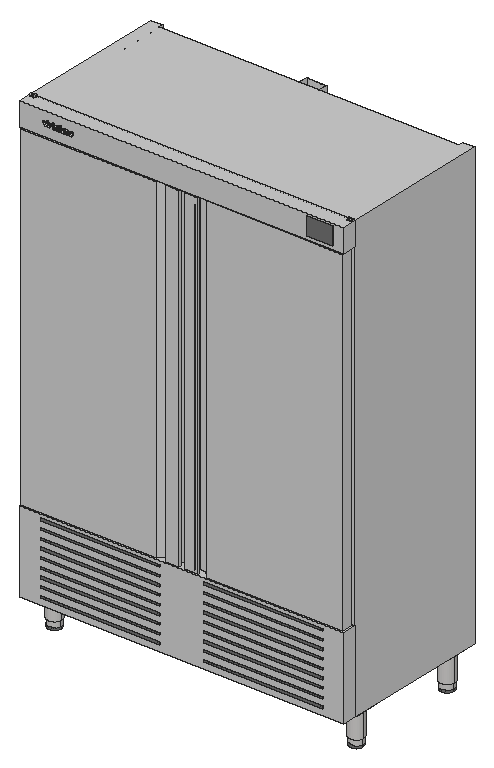
Revit family "QF_INFRICO_AN1002TF_250808093826", category Specialty Equipment, Revit 2021
Family settings
  Round Connector Dimension = Use Diameter
  Part Type = Normal
  OmniClass Number = 23.40.40.14
  OmniClass Title = Food Service Equipment
  Work Plane-Based = No
  Always vertical = Yes
  Cut with Voids When Loaded = No
  Shared = No
  Room Calculation Point = No
Parameters (values of type "AN1002TF-R290")
  Weight [instance] = 0.00 kg
  Waste Water Discharge Temperature [instance] = 0 °C
  Waste Remarks [instance] = ""
  Warranty Start Date [instance] = ""
  Warranty Duration [instance] = ""
  Volts [instance] = 230 V
  Volt Free Conn [instance] = no
  URL Recommended Spares List [instance] = ""
  URL Manufacturer [instance] = ""
  URL Cutsheet [instance] = ""
  URL Critical Spares List [instance] = ""
  URL = "www.infrico.com"
  Technical Documentation [instance] = ""
  Tag Number [instance] = ""
  Status [instance] = ""
  Start Up Current [instance] = 0 A
  Specification by User [instance] = ""
  Specification by Manufacturer [instance] = ""
  Sound Level [instance] = ""
  Show Logo [instance] = yes
  Show Clearances [instance] = yes
  Service Life Duration [instance] = ""
  Serial Number [instance] = ""
  Seismic Rating [instance] = ""
  SMACNA No [instance] = ""
  Revision Code [instance] = ""
  Revision [instance] = ""
  Production Year [instance] = ""
  Potential Equalisation [instance] = no
  Point Load [instance] = 0
  Plumbing Connection Type [instance] = ""
  Phase [instance] = 1
  Other Equipment Approvals [instance] = ""
  Operational Current [instance] = 0 A
  Number of Poles [instance] = 2
  No Load Power Draw [instance] = no
  NAFEM Spec ID Number [instance] = ""
  Model Warning [instance] = ""
  Model = "AN1002TF"
  Min Ckt Ampacity [instance] = 0 A
  Max Overcurrent Protection [instance] = 0 A
  Masterspec [instance] = ""
  Manufacturer = "INFRICO"
  Main switch integrated [instance] = no
  Length Actual [instance] = 1385.062 mm
  Item Number [instance] = ""
  Installed By [instance] = ""
  Installation Date [instance] = ""
  Indirect Waste Size [instance] = 19.05 mm
  Indirect Waste Remarks [instance] = ""
  Indirect Waste Flow [instance] = 0.0 L/s
  Indirect Waste Connection Type [instance] = ""
  Indirect Waste Connection Height [instance] = 0 mm
  Identify Quantity as Lot [instance] = no
  ID [instance] = ""
  Hygiene Approval [instance] = ""
  Height Actual [instance] = 2059.94 mm
  HP power [instance] = ""
  Furnished By [instance] = ""
  Foodservice Equipment Identifier [instance] = no
  FL Amps [instance] = 0 A
  Electrical Remarks [instance] = ""
  Electric power [instance] = 370 W
  Electric Connection Type [instance] = ""
  Elec Conn RI Height [instance] = 0 mm
  Elec Conn Connection Height [instance] = 0 mm
  ETL Approved [instance] = no
  Direct Waste Water Discharge Temperature [instance] = -273.15 °C
  Direct Waste Size [instance] = 19.05 mm
  Direct Waste RI Height [instance] = 0 mm
  Direct Waste Flow [instance] = 0.0 L/s
  Direct Waste Connection Height [instance] = 0 mm
  Description = "BOTTOM MOUNTED REFRIGERATOR AND FREEZER REACH IN - TWO DOORS - R290 REFRIGERANT"
  Depth Actual [instance] = 700.024 mm
  Default Elevation = 0 mm
  Cycle [instance] = 50 Hz
  Cost = 0
  Connection to energy optimisation system [instance] = yes
  Conn Plug [instance] = ""
  Conn Conduit [instance] = no
  Centralized building control system with digital interface [instance] = ""
  CSI MasterFormat [instance] = ""
  CE Approved [instance] = no
  Barcode [instance] = 0
  Author [instance] = ""
  Asset Identifier [instance] = ""
  Apparent Power [instance] = 370 VA
  Accessory [instance] = no
Reference planes
  plane 1 "Center (Front/Back)": y = 0
  plane 2: z = 0
  plane 3 "Center (Left/Right)": x = 0
Forms (mm)
  Extrusion 1, solid, not visible
    sketch origin (693.034, -106.005, 409.52) x (1, 0, 0) y (0, 1, 0)
      loop
        line (-2, 2) -> (-2, -2) -> (2, -2) -> (2, 2) -> (-2, 2)
    from -2 to 2
  Extrusion 2, solid, not visible
    sketch origin (1261.062, -22.001, 2019.099) x (1, 0, 0) y (0, 1, 0)
      loop
        line (-2, 2) -> (-2, -2) -> (2, -2) -> (2, 2) -> (-2, 2)
    from -2 to 2
Dimensions and locks
  locked: nested 2 to Extrusion 1 at 2  (x2)
  locked: Extrusion 2 to nested 3
  locked: nested 3 to Extrusion 2 at 2
  aligned and locked: level to plane 2
Nested families
  nested 1: "QF_INFRICO_AN1002_2920" at (0, 0, 150), type "AN1002TF-R290"
    with Weight 0.00 kg, Warranty Start Date "", Warranty Duration "", URL Cutsheet "", Technical Documentation "", Tag Number "", Status "", Specification by User "", Specification by Manufacturer "", Sound Level "", Solid Fuel Type "", Show Logo yes, Show Clearances yes, Show Clearance yes, Service Life Duration "", Serial Number "", Seismic Rating "", SMACNA No "", Revision Code "", Revision "", Production Year "", Point Load 0, Other Equipment Approvals "", NAFEM Spec ID Number "", Model Warning "", Masterspec "", Length Actual 1385.062 mm, Item Number "", Installed By "", Installation Date "", Identify Quantity as Lot yes, ID "", Hygiene Approval "", Height Actual 2059.94 mm, Furnished By "", Foodservice Equipment Identifier yes, ETL Approved yes, Depth Actual 700.024 mm, CSI MasterFormat "", CE Approved no, Barcode "", Author "", Asset Identifier "", Accessory no
  nested 2: "CONN_POINT_DRAIN_2D___Generic_Annotation" at (693.034, -106.005, 407.52), type "CONN_POINT_DRAIN_2D___Generic_Annotation"
    with Onboard connection annotation symbol visibility yes
  nested 3: "CONN_POINT_ELE_2D___Generic_Annotation" at (1261.062, -20.001, 2019.099), type "CONN_POINT_ELE_2D___Generic_Annotation"
    with Onboard connection annotation symbol visibility yes
  nested 4: "QF_INFRICO_LEGS_REACH_INS_5307" at (0, 0, 0), type "LEGS_1385_640"
    with Weight 0.00 kg, Warranty Start Date "", Warranty Duration "", URL Cutsheet "", Technical Documentation "", Tag Number "", Status "", Specification by User "", Specification by Manufacturer "", Sound Level "", Solid Fuel Type "", Show Logo yes, Show Clearances yes, Service Life Duration "", Serial Number "", Seismic Rating "", SMACNA No "", Revision Code "", Revision "", Production Year "", Point Load 0, Other Equipment Approvals "", NAFEM Spec ID Number "", Model Warning "", Masterspec "", Length Actual 1385.062 mm, Item Number "", Installed By "", Installation Date "", Identify Quantity as Lot yes, ID "", Hygiene Approval "", Height Actual 150.114 mm, Furnished By "", Foodservice Equipment Identifier yes, ETL Approved yes, Depth Actual 640.08 mm, CSI MasterFormat "", CE Approved no, Barcode "", Author "", Asset Identifier "", Accessory yes
Connectors
  piping at (693.034, -106.005, 407.52), diameter 19.05, driven by "Indirect Waste Size", driven by "Direct Waste Flow"
    settings: on Extrusion 1, index 1, connector inside diameter 609.6 mm, connector length 0 mm, flow factor 0, pipe flow 0.0 L/s, pressure drop 0.0 Pa, fitting loss kfactor 0, connector angle 0.00°, fixture units 0, engagement length 0 mm, angle of deflection 0.00°, flow configuration 1, flow direction 2, fitting loss method 0, system type 16, joint type 0, gender type 0, connector reference index -1, connector utility 0, adjustable connector no, is connector primary yes, connector description "Waste connection for AN1002TF"
  electrical at (1261.062, -20.001, 2019.099), driven by "Apparent Power", driven by "Number of Poles", driven by "Volts"
    settings: on Extrusion 2, index 2, voltage 230 V, apparent load 0 VA, apparent load phase1 370 VA, apparent load phase2 0 VA, apparent load phase3 0 VA, power factor 1, load classification "Other", number of poles 2, system type 31, power factor state 1, is connector primary yes, connector utility no, sub classification motor no, connector description "Electrical connection for AN1002TF"
Definition of nested family "QF_INFRICO_AN1002_2920"
  Parameters (values of type "AN1002TF-R290")
    Weight [instance] = 0.00 kg
    Warranty Start Date [instance] = ""
    Warranty Duration [instance] = ""
    URL Cutsheet [instance] = ""
    URL = "www.infrico.com"
    Technical Documentation [instance] = ""
    Tag Number [instance] = ""
    Status [instance] = ""
    Specification by User [instance] = ""
    Specification by Manufacturer [instance] = ""
    Sound Level [instance] = ""
    Solid Fuel Type [instance] = ""
    Show Logo [instance] = yes
    Show Clearances [instance] = yes
    Show Clearance [instance] = yes
    Service Life Duration [instance] = ""
    Serial Number [instance] = ""
    Seismic Rating [instance] = ""
    SMACNA No [instance] = ""
    Revision Code [instance] = ""
    Revision [instance] = ""
    Production Year [instance] = ""
    Point Load [instance] = 0
    Other Equipment Approvals [instance] = ""
    NAFEM Spec ID Number [instance] = ""
    Model Warning [instance] = ""
    Model = "AN1002TF"
    Masterspec [instance] = ""
    Manufacturer = "INFRICO"
    Length Actual [instance] = 0 mm
    Item Number [instance] = ""
    Installed By [instance] = ""
    Installation Date [instance] = ""
    Identify Quantity as Lot [instance] = yes
    ID [instance] = ""
    Hygiene Approval [instance] = ""
    Height Actual [instance] = 0 mm
    Furnished By [instance] = ""
    Foodservice Equipment Identifier [instance] = yes
    ETL Approved [instance] = yes
    Description = "BOTTOM MOUNTED REFRIGERATOR AND FREEZER REACH IN - TWO DOORS - R290 REFRIGERANT"
    Depth Actual [instance] = 0 mm
    Default Elevation = 0 mm
    CSI MasterFormat [instance] = ""
    CE Approved [instance] = yes
    Barcode [instance] = ""
    Author [instance] = ""
    Asset Identifier [instance] = ""
    Assembly Code = "E1090320"
    Accessory [instance] = yes
  Types (3, lengths in mm): name | Model | Description
    AN1002BT | "AN1002BT" | "BOTTOM MOUNTED REFRIGERATOR AND FREEZER REACH IN - TWO DOORS - R290 REFRIGERANT"
    AN1002TF | "AN1002TF" | "BOTTOM MOUNTED REFRIGERATOR AND FREEZER REACH IN - TWO DOORS - R134A REFRIGERANT"
    AN1002TF-R290 | "AN1002TF" | "BOTTOM MOUNTED REFRIGERATOR AND FREEZER REACH IN - TWO DOORS - R290 REFRIGERANT"
  Reference planes
    plane 1 "Back": y = 0
    plane 2: z = 0
    plane 3 "Left": x = 0
    plane 4 "Right": x = 1385
    plane 5 "Front": y = -700
    plane 6 "Top": z = 1902
  Forms (mm)
    Extrusion 1, solid
      sketch origin (0, -95, 1652) x (1, 0, 0) y (0, 1, 0)
        loop
          line (0, -545) -> (0, -605) -> (1385, -605) -> (1385, -545) -> (1382.5, -545) -> (1382.5, -558) -> (1360, -558) -> (1360, -545) -> (25, -545) -> (25, -558) -> (2.5, -558) -> (2.5, -545) -> (0, -545)
      from 150 to 250
    Extrusion 2, solid, visible <- "Show Logo"
      sketch origin (-1062.353, -699, 1146.37) x (1, 0, 0) y (0, 0, 1)
        loop
          line (1208.799, 696.53) -> (1208.799, 719.204) -> (1204.173, 719.204) -> (1204.173, 696.53) -> (1208.799, 696.53)
        loop
          line (1214.779, 713.006) -> (1211.283, 713.006) -> (1211.283, 696.53) -> (1215.772, 696.53) -> (1215.772, 707.832)
          arc (1215.772, 707.832) -> (1217.528, 708.741) -> (1219.417, 709.324) r 11.052
          arc (1219.417, 709.324) -> (1220.929, 708.961) -> (1221.598, 707.557) r 1.806
          line (1221.598, 707.557) -> (1221.598, 696.53) -> (1226.121, 696.53) -> (1226.121, 708.689)
          arc (1226.121, 708.689) -> (1224.637, 712.075) -> (1221.141, 713.281) r 4.607
          arc (1221.141, 713.281) -> (1218.282, 712.674) -> (1215.669, 711.361) r 11.435
          line (1215.669, 711.361) -> (1215.601, 712.184)
          arc (1215.601, 712.184) -> (1215.36, 712.765) -> (1214.779, 713.006) r 0.822
        loop
          line (1238.557, 720.102) -> (1237.306, 720.102)
          arc (1237.306, 720.102) -> (1235.052, 719.926) -> (1232.881, 719.297) r 11.103
          arc (1232.881, 719.297) -> (1230.805, 717.616) -> (1230.024, 715.062) r 4.567
          line (1230.024, 715.062) -> (1230.024, 712.909) -> (1227.351, 712.703) -> (1227.351, 709.374) -> (1230.024, 709.374) -> (1230.024, 696.53) -> (1234.547, 696.53) -> (1234.547, 709.374) -> (1238.249, 709.374) -> (1238.249, 712.938) -> (1234.547, 712.938) -> (1234.547, 714.548)
          arc (1234.547, 714.548) -> (1234.956, 715.705) -> (1236.045, 716.271) r 1.67
          line (1236.045, 716.271) -> (1237.7, 716.399)
          arc (1237.7, 716.399) -> (1238.306, 716.65) -> (1238.557, 717.255) r 0.857
          line (1238.557, 717.255) -> (1238.557, 720.102)
        loop
          line (1239.479, 713.006) -> (1239.479, 696.53) -> (1243.968, 696.53) -> (1243.968, 707.352)
          arc (1243.968, 707.352) -> (1245.873, 708.631) -> (1248.077, 709.268) r 7.435
          line (1248.077, 709.268) -> (1249.241, 709.416)
          arc (1249.241, 709.416) -> (1249.643, 709.758) -> (1249.793, 710.265) r 0.928
          line (1249.793, 710.265) -> (1249.793, 712.458)
          arc (1249.793, 712.458) -> (1249.531, 713.061) -> (1248.912, 713.28) r 0.824
          arc (1248.912, 713.28) -> (1246.197, 712.588) -> (1243.899, 710.984) r 7.833
          line (1243.899, 710.984) -> (1243.726, 713.006) -> (1239.479, 713.006)
        loop
          line (1255.495, 696.53) -> (1255.495, 713.006) -> (1251.006, 713.006) -> (1251.006, 696.53) -> (1255.495, 696.53)
        loop
          arc (1257.421, 701.327) -> (1258.567, 698.188) -> (1261.466, 696.525) r 4.873
          arc (1261.466, 696.525) -> (1264.493, 696.266) -> (1267.521, 696.525) r 17.816
          arc (1267.521, 696.525) -> (1270.575, 699.134) -> (1271.505, 703.041) r 6.481
          line (1271.505, 703.041) -> (1267.187, 703.041) -> (1267.187, 701.67)
          arc (1267.187, 701.67) -> (1266.64, 700.452) -> (1265.442, 699.865) r 1.965
          arc (1265.442, 699.865) -> (1264.547, 699.816) -> (1263.653, 699.865) r 8.196
          arc (1263.653, 699.865) -> (1262.417, 700.415) -> (1261.91, 701.67) r 1.806
          line (1261.91, 701.67) -> (1261.91, 707.9)
          arc (1261.91, 707.9) -> (1262.417, 709.155) -> (1263.653, 709.705) r 1.806
          arc (1263.653, 709.705) -> (1264.547, 709.754) -> (1265.442, 709.705) r 8.196
          arc (1265.442, 709.705) -> (1266.64, 709.118) -> (1267.187, 707.9) r 1.965
          line (1267.187, 707.9) -> (1267.187, 706.838) -> (1271.505, 706.838)
          arc (1271.505, 706.838) -> (1270.524, 710.556) -> (1267.521, 712.959) r 6.132
          arc (1267.521, 712.959) -> (1264.493, 713.294) -> (1261.466, 712.959) r 13.851
          arc (1261.466, 712.959) -> (1258.571, 711.349) -> (1257.421, 708.243) r 4.772
          line (1257.421, 708.243) -> (1257.421, 701.327)
        loop
          arc (1272.916, 701.329) -> (1273.993, 698.345) -> (1276.726, 696.734) r 4.676
          arc (1276.726, 696.734) -> (1278.515, 696.455) -> (1280.318, 696.291) r 28.371
          arc (1280.318, 696.291) -> (1282.122, 696.455) -> (1283.911, 696.734) r 28.371
          arc (1283.911, 696.734) -> (1286.644, 698.345) -> (1287.72, 701.329) r 4.676
          line (1287.72, 701.329) -> (1287.72, 708.242)
          arc (1287.72, 708.242) -> (1286.644, 711.226) -> (1283.911, 712.837) r 4.676
          arc (1283.911, 712.837) -> (1282.122, 713.116) -> (1280.318, 713.28) r 28.371
          arc (1280.318, 713.28) -> (1278.515, 713.116) -> (1276.726, 712.837) r 28.371
          arc (1276.726, 712.837) -> (1273.993, 711.226) -> (1272.916, 708.242) r 4.676
          line (1272.916, 708.242) -> (1272.916, 701.329)
        loop
          line (1277.405, 707.866) -> (1277.405, 701.705)
          arc (1277.405, 701.705) -> (1277.844, 700.556) -> (1278.936, 699.991) r 1.725
          arc (1278.936, 699.991) -> (1279.627, 699.918) -> (1280.318, 699.856) r 46.133
          arc (1280.318, 699.856) -> (1281.01, 699.918) -> (1281.701, 699.991) r 46.133
          arc (1281.701, 699.991) -> (1282.793, 700.556) -> (1283.231, 701.705) r 1.725
          line (1283.231, 701.705) -> (1283.231, 707.866)
          arc (1283.231, 707.866) -> (1282.793, 709.015) -> (1281.701, 709.58) r 1.725
          arc (1281.701, 709.58) -> (1281.01, 709.653) -> (1280.318, 709.716) r 46.133
          arc (1280.318, 709.716) -> (1279.627, 709.653) -> (1278.936, 709.58) r 46.133
          arc (1278.936, 709.58) -> (1277.844, 709.015) -> (1277.405, 707.866) r 1.725
        loop
          arc (1190.339, 696.543) -> (1191.411, 696.987) -> (1191.856, 698.059) r 1.516
          line (1191.856, 698.059) -> (1191.856, 703.891) -> (1196.035, 703.891)
          arc (1196.035, 703.891) -> (1196.79, 704.121) -> (1197.218, 704.782) r 1.147
          line (1197.218, 704.782) -> (1197.218, 706.211)
          arc (1197.218, 706.211) -> (1196.787, 707.258) -> (1195.719, 707.634) r 1.385
          line (1195.719, 707.634) -> (1194.52, 707.634) -> (1197.218, 710.332)
          arc (1197.218, 710.332) -> (1197.605, 711.266) -> (1197.218, 712.2) r 1.321
          line (1197.218, 712.2) -> (1196.495, 712.923)
          arc (1196.495, 712.923) -> (1195.54, 713.338) -> (1194.558, 712.991) r 1.422
          line (1194.558, 712.991) -> (1191.853, 710.286) -> (1191.853, 711.479)
          arc (1191.853, 711.479) -> (1191.443, 712.516) -> (1190.435, 712.992) r 1.516
          line (1190.435, 712.992) -> (1189.514, 712.992)
          arc (1189.514, 712.992) -> (1188.511, 712.514) -> (1188.103, 711.479) r 1.516
          line (1188.103, 711.479) -> (1188.103, 706.83) -> (1182.073, 701.336) -> (1182.073, 707.509) -> (1185.639, 711.075)
          arc (1185.639, 711.075) -> (1186.053, 712.073) -> (1185.639, 713.071) r 1.412
          line (1185.639, 713.071) -> (1184.987, 713.723)
          arc (1184.987, 713.723) -> (1183.939, 714.141) -> (1182.915, 713.667) r 1.428
          line (1182.915, 713.667) -> (1182.073, 712.825) -> (1182.073, 717.784)
          arc (1182.073, 717.784) -> (1181.658, 718.787) -> (1180.655, 719.203) r 1.418
          line (1180.655, 719.203) -> (1179.726, 719.203)
          arc (1179.726, 719.203) -> (1178.723, 718.787) -> (1178.308, 717.784) r 1.418
          line (1178.308, 717.784) -> (1178.308, 712.825) -> (1177.466, 713.667)
          arc (1177.466, 713.667) -> (1176.442, 714.141) -> (1175.394, 713.723) r 1.428
          line (1175.394, 713.723) -> (1174.742, 713.071)
          arc (1174.742, 713.071) -> (1174.328, 712.073) -> (1174.742, 711.075) r 1.412
          line (1174.742, 711.075) -> (1178.308, 707.509) -> (1178.308, 701.336) -> (1172.278, 706.83) -> (1172.278, 711.479)
          arc (1172.278, 711.479) -> (1171.87, 712.514) -> (1170.867, 712.992) r 1.516
          line (1170.867, 712.992) -> (1169.946, 712.992)
          arc (1169.946, 712.992) -> (1168.938, 712.516) -> (1168.528, 711.479) r 1.516
          line (1168.528, 711.479) -> (1168.528, 710.286) -> (1165.823, 712.991)
          arc (1165.823, 712.991) -> (1164.841, 713.338) -> (1163.886, 712.923) r 1.422
          line (1163.886, 712.923) -> (1163.163, 712.2)
          arc (1163.163, 712.2) -> (1162.776, 711.266) -> (1163.163, 710.332) r 1.321
          line (1163.163, 710.332) -> (1165.861, 707.634) -> (1164.662, 707.634)
          arc (1164.662, 707.634) -> (1163.594, 707.258) -> (1163.163, 706.211) r 1.385
          line (1163.163, 706.211) -> (1163.163, 704.782)
          arc (1163.163, 704.782) -> (1163.591, 704.121) -> (1164.346, 703.891) r 1.147
          line (1164.346, 703.891) -> (1168.525, 703.891) -> (1168.525, 698.059)
          arc (1168.525, 698.059) -> (1168.969, 696.987) -> (1170.042, 696.543) r 1.516
          line (1170.042, 696.543) -> (1190.339, 696.543)
      from 0 to 2
    Extrusion 3, solid
      sketch origin (57.067, -4.97, 1236.674) x (1, 0, 0) y (0, 0, 1)
        loop
          line (1169.616, 654.3) -> (1169.616, 577.9) -> (1281.216, 577.9) -> (1281.216, 654.3) -> (1169.616, 654.3)
      from 695.03 to 697.03
    Extrusion 4, solid
      sketch origin (5, -77, -10) x (0, 1, 0) y (0, 0, 1)
        loop
          line (-567, 1911) -> (-563, 1911) -> (-563, 1914.5)
          arc (-563, 1914.5) -> (-564.062, 1917.463) -> (-565.924, 1920) r 10.917
          line (-565.924, 1920) -> (-573.076, 1920)
          arc (-573.076, 1920) -> (-574.938, 1917.463) -> (-576, 1914.5) r 10.917
          line (-576, 1914.5) -> (-576, 1911) -> (-572, 1911) -> (-572, 1914.5)
          arc (-572, 1914.5) -> (-569.5, 1917) -> (-567, 1914.5) r 2.5
          line (-567, 1914.5) -> (-567, 1911)
      from 0 to 17.5
    Extrusion 5, solid
      sketch origin (2, -77, -10) x (0, 1, 0) y (0, 0, 1)
        loop
          arc (-567.161, 1915.382) -> (-569.948, 1916.96) -> (-572, 1914.5) r 2.5
          line (-572, 1914.5) -> (-571.49, 1908.671) -> (-564.851, 1909.252) -> (-567.161, 1915.382)
      from 0.5 to 3
    Extrusion 6, solid
      sketch origin (22, -77, -10) x (0, 1, 0) y (0, 0, 1)
        loop
          arc (-567.161, 1915.382) -> (-569.948, 1916.96) -> (-572, 1914.5) r 2.5
          line (-572, 1914.5) -> (-571.49, 1908.671) -> (-564.851, 1909.252) -> (-567.161, 1915.382)
      from 0.5 to 3
    Extrusion 7, solid
      sketch origin (1362.5, -77, -10) x (0, 1, 0) y (0, 0, 1)
        loop
          line (-567, 1911) -> (-563, 1911) -> (-563, 1914.5)
          arc (-563, 1914.5) -> (-564.062, 1917.463) -> (-565.924, 1920) r 10.917
          line (-565.924, 1920) -> (-573.076, 1920)
          arc (-573.076, 1920) -> (-574.938, 1917.463) -> (-576, 1914.5) r 10.917
          line (-576, 1914.5) -> (-576, 1911) -> (-572, 1911) -> (-572, 1914.5)
          arc (-572, 1914.5) -> (-569.5, 1917) -> (-567, 1914.5) r 2.5
          line (-567, 1914.5) -> (-567, 1911)
      from 0 to 17.5
    Extrusion 8, solid
      sketch origin (1359.5, -77, -10) x (0, 1, 0) y (0, 0, 1)
        loop
          arc (-567.161, 1915.382) -> (-569.948, 1916.96) -> (-572, 1914.5) r 2.5
          line (-572, 1914.5) -> (-571.49, 1908.671) -> (-564.851, 1909.252) -> (-567.161, 1915.382)
      from 0.5 to 3
    Extrusion 9, solid
      sketch origin (1379.5, -77, -10) x (0, 1, 0) y (0, 0, 1)
        loop
          arc (-567.161, 1915.382) -> (-569.948, 1916.96) -> (-572, 1914.5) r 2.5
          line (-572, 1914.5) -> (-571.49, 1908.671) -> (-564.851, 1909.252) -> (-567.161, 1915.382)
      from 0.5 to 3
    Extrusion 10, solid
      sketch origin (0, 0, 0) x (1, 0, 0) y (0, 1, 0)
        loop
          line (0, -640) -> (20, -640) -> (20, -20) -> (50, -20) -> (50, 0) -> (0, 0) -> (0, -640)
        loop
          line (1385, -640) -> (1385, 0) -> (1335, 0) -> (1335, -20) -> (1365, -20) -> (1365, -640) -> (1385, -640)
      from 0 to 1902
    Extrusion 11, solid
      sketch origin (0, 0, 0) x (1, 0, 0) y (0, 1, 0)
        loop
          line (20, -20) -> (20, -640) -> (1365, -640) -> (1365, -20) -> (20, -20)
        loop
          line (50, -610) -> (1335, -610) -> (1335, -50) -> (50, -50) -> (50, -610)
      from 257.5 to 1902
    Extrusion 12, void
      sketch origin (698, -390, 0) x (1, 0, 0) y (0, 0, 1)
        loop
          line (-648, 425) -> (637, 425) -> (637, 1737) -> (-648, 1737) -> (-648, 425)
      from 220 to 250
    Extrusion 13, solid
      sketch origin (20, 0, 0) x (1, 0, 0) y (0, 0, 1)
        loop
          line (52, 500) -> (52, 526.5) -> (50, 526.5) -> (50, 498) -> (68.5, 498) -> (68.5, 500) -> (52, 500)
      from 50 to 610
    Extrusion 14, solid
      sketch origin (-120.635, 115, 1315) x (1, 0, 0) y (0, 1, 0)
        loop
          arc (214.135, -210) -> (203.529, -214.393) -> (199.135, -225) r 15
          line (199.135, -225) -> (199.135, -665)
          arc (199.135, -665) -> (203.529, -675.607) -> (214.135, -680) r 15
          line (214.135, -680) -> (1412.135, -680)
          arc (1412.135, -680) -> (1422.742, -675.607) -> (1427.135, -665) r 15
          line (1427.135, -665) -> (1427.135, -225)
          arc (1427.135, -225) -> (1422.742, -214.393) -> (1412.135, -210) r 15
          line (1412.135, -210) -> (214.135, -210)
        loop
          arc (209.135, -665) -> (210.6, -668.536) -> (214.135, -670) r 5
          line (214.135, -670) -> (248.135, -670) -> (248.135, -220) -> (214.135, -220)
          arc (214.135, -220) -> (210.6, -221.464) -> (209.135, -225) r 5
          line (209.135, -225) -> (209.135, -665)
        loop
          line (703.135, -220) -> (703.135, -670) -> (743.135, -670) -> (743.135, -220) -> (703.135, -220)
        loop
          arc (1417.135, -225) -> (1415.671, -221.464) -> (1412.135, -220) r 5
          line (1412.135, -220) -> (1378.135, -220) -> (1378.135, -670) -> (1412.135, -670)
          arc (1412.135, -670) -> (1415.671, -668.536) -> (1417.135, -665) r 5
          line (1417.135, -665) -> (1417.135, -225)
        loop
          line (698.135, -220) -> (658.135, -220) -> (658.135, -670) -> (698.135, -670) -> (698.135, -220)
        loop
          line (653.135, -220) -> (613.135, -220) -> (613.135, -670) -> (653.135, -670) -> (653.135, -220)
        loop
          line (608.135, -220) -> (568.135, -220) -> (568.135, -670) -> (608.135, -670) -> (608.135, -220)
        loop
          line (563.135, -220) -> (523.135, -220) -> (523.135, -670) -> (563.135, -670) -> (563.135, -220)
        loop
          line (518.135, -220) -> (478.135, -220) -> (478.135, -670) -> (518.135, -670) -> (518.135, -220)
        loop
          line (473.135, -220) -> (433.135, -220) -> (433.135, -670) -> (473.135, -670) -> (473.135, -220)
        loop
          line (428.135, -220) -> (388.135, -220) -> (388.135, -670) -> (428.135, -670) -> (428.135, -220)
        loop
          line (383.135, -220) -> (343.135, -220) -> (343.135, -670) -> (383.135, -670) -> (383.135, -220)
        loop
          line (338.135, -220) -> (298.135, -220) -> (298.135, -670) -> (338.135, -670) -> (338.135, -220)
        loop
          line (293.135, -220) -> (253.135, -220) -> (253.135, -670) -> (293.135, -670) -> (293.135, -220)
        loop
          line (1153.135, -220) -> (1153.135, -670) -> (1193.135, -670) -> (1193.135, -220) -> (1153.135, -220)
        loop
          line (1148.135, -220) -> (1108.135, -220) -> (1108.135, -670) -> (1148.135, -670) -> (1148.135, -220)
        loop
          line (1103.135, -220) -> (1063.135, -220) -> (1063.135, -670) -> (1103.135, -670) -> (1103.135, -220)
        loop
          line (1058.135, -220) -> (1018.135, -220) -> (1018.135, -670) -> (1058.135, -670) -> (1058.135, -220)
        loop
          line (1013.135, -220) -> (973.135, -220) -> (973.135, -670) -> (1013.135, -670) -> (1013.135, -220)
        loop
          line (968.135, -220) -> (928.135, -220) -> (928.135, -670) -> (968.135, -670) -> (968.135, -220)
        loop
          line (923.135, -220) -> (883.135, -220) -> (883.135, -670) -> (923.135, -670) -> (923.135, -220)
        loop
          line (878.135, -220) -> (838.135, -220) -> (838.135, -670) -> (878.135, -670) -> (878.135, -220)
        loop
          line (833.135, -220) -> (793.135, -220) -> (793.135, -670) -> (833.135, -670) -> (833.135, -220)
        loop
          line (788.135, -220) -> (748.135, -220) -> (748.135, -670) -> (788.135, -670) -> (788.135, -220)
        loop
          line (1373.135, -220) -> (1333.135, -220) -> (1333.135, -670) -> (1373.135, -670) -> (1373.135, -220)
        loop
          line (1328.135, -220) -> (1288.135, -220) -> (1288.135, -670) -> (1328.135, -670) -> (1328.135, -220)
        loop
          line (1283.135, -220) -> (1243.135, -220) -> (1243.135, -670) -> (1283.135, -670) -> (1283.135, -220)
        loop
          line (1238.135, -220) -> (1198.135, -220) -> (1198.135, -670) -> (1238.135, -670) -> (1238.135, -220)
      from 95 to 100
    Extrusion 15, solid
      sketch origin (0, -50, 0) x (1, 0, 0) y (0, 0, 1)
        loop
          line (60, 433) -> (70, 463) -> (70, 468) -> (70, 1643) -> (60, 1678) -> (50, 1678) -> (50, 433) -> (60, 433)
      from 0 to 20
    Extrusion 16, solid
      sketch origin (0, -590, 0) x (1, 0, 0) y (0, 0, 1)
        loop
          line (60, 433) -> (70, 463) -> (70, 468) -> (70, 1643) -> (60, 1678) -> (50, 1678) -> (50, 433) -> (60, 433)
      from 0 to 20
    Extrusion 17, solid
      sketch origin (1365, 0, 0) x (-1, 0, 0) y (0, 0, -1)
        loop
          line (52, -500) -> (68.5, -500) -> (68.5, -498) -> (50, -498) -> (50, -526.5) -> (52, -526.5) -> (52, -500)
      from 50 to 610
    Extrusion 18, solid
      sketch origin (1385, -50, 0) x (-1, 0, 0) y (0, 0, -1)
        loop
          line (60, -433) -> (50, -433) -> (50, -1678) -> (60, -1678) -> (70, -1643) -> (70, -468) -> (70, -463) -> (60, -433)
      from 0 to 20
    Extrusion 19, solid
      sketch origin (1385, -590, 0) x (-1, 0, 0) y (0, 0, -1)
        loop
          line (60, -433) -> (50, -433) -> (50, -1678) -> (60, -1678) -> (70, -1643) -> (70, -468) -> (70, -463) -> (60, -433)
      from 0 to 20
    Extrusion 20, solid
      sketch origin (20, 0, 250) x (1, 0, 0) y (0, 0, 1)
        loop
          line (52, 500) -> (52, 526.5) -> (50, 526.5) -> (50, 498) -> (68.5, 498) -> (68.5, 500) -> (52, 500)
      from 50 to 610
    Extrusion 21, solid
      sketch origin (1365, 0, 250) x (-1, 0, 0) y (0, 0, -1)
        loop
          line (52, -500) -> (68.5, -500) -> (68.5, -498) -> (50, -498) -> (50, -526.5) -> (52, -526.5) -> (52, -500)
      from 50 to 610
    Extrusion 22, solid
      sketch origin (20, 0, 580) x (1, 0, 0) y (0, 0, 1)
        loop
          line (52, 500) -> (52, 526.5) -> (50, 526.5) -> (50, 498) -> (68.5, 498) -> (68.5, 500) -> (52, 500)
      from 50 to 610
    Extrusion 23, solid
      sketch origin (1365, 0, 580) x (-1, 0, 0) y (0, 0, -1)
        loop
          line (52, -500) -> (68.5, -500) -> (68.5, -498) -> (50, -498) -> (50, -526.5) -> (52, -526.5) -> (52, -500)
      from 50 to 610
    Extrusion 24, solid
      sketch origin (20, 0, 910) x (1, 0, 0) y (0, 0, 1)
        loop
          line (52, 500) -> (52, 526.5) -> (50, 526.5) -> (50, 498) -> (68.5, 498) -> (68.5, 500) -> (52, 500)
      from 50 to 610
    Extrusion 25, solid
      sketch origin (1365, 0, 910) x (-1, 0, 0) y (0, 0, -1)
        loop
          line (52, -500) -> (68.5, -500) -> (68.5, -498) -> (50, -498) -> (50, -526.5) -> (52, -526.5) -> (52, -500)
      from 50 to 610
    Extrusion 26, solid
      sketch origin (0, 0, -30) x (1, 0, 0) y (0, 0, 1)
        loop
          line (50, 1927) -> (1335, 1927) -> (1335, 1932) -> (50, 1932) -> (50, 1927)
      from 50 to 610
    Extrusion 27, solid
      sketch origin (0, 0, -1927) x (1, 0, 0) y (0, 0, 1)
        loop
          line (20, 1927) -> (1365, 1927) -> (1365, 1932) -> (20, 1932) -> (20, 1927)
      from 20 to 640
    Extrusion 28, solid
      sketch origin (698, -10, -30) x (1, 0, 0) y (0, 0, 1)
        loop
          circle (563, 1899) r 12.7
      from 0 to 10
    Extrusion 29, solid
      sketch origin (0, -95, 0) x (0, 1, 0) y (0, 0, 1)
        loop
          line (-545, 350) -> (-605, 350) -> (-605, 0) -> (-545, 0) -> (-545, 350)
      from 0 to 1385
    Extrusion 30, solid
      sketch origin (-2880.873, -698.1, -227.949) x (1, 0, 0) y (0, 0, 1)
        loop
          line (3478.016, 523.949) -> (2970.73, 523.949) -> (2970.73, 514.949) -> (3478.016, 514.949) -> (3478.016, 523.949)
        loop
          line (3478.016, 486.949) -> (2970.73, 486.949) -> (2970.73, 477.949) -> (3478.016, 477.949) -> (3478.016, 486.949)
        loop
          line (3478.016, 449.949) -> (2970.73, 449.949) -> (2970.73, 440.949) -> (3478.016, 440.949) -> (3478.016, 449.949)
        loop
          line (3478.016, 412.949) -> (2970.73, 412.949) -> (2970.73, 403.949) -> (3478.016, 403.949) -> (3478.016, 412.949)
        loop
          line (3478.016, 375.949) -> (2970.73, 375.949) -> (2970.73, 366.949) -> (3478.016, 366.949) -> (3478.016, 375.949)
        loop
          line (3478.016, 338.949) -> (2970.73, 338.949) -> (2970.73, 329.949) -> (3478.016, 329.949) -> (3478.016, 338.949)
        loop
          line (3478.016, 301.949) -> (2970.73, 301.949) -> (2970.73, 292.949) -> (3478.016, 292.949) -> (3478.016, 301.949)
        loop
          line (3478.016, 264.949) -> (2970.73, 264.949) -> (2970.73, 255.949) -> (3478.016, 255.949) -> (3478.016, 264.949)
        loop
          line (3478.016, 560.949) -> (2970.73, 560.949) -> (2970.73, 551.949) -> (3478.016, 551.949) -> (3478.016, 560.949)
      from 0 to 2
    Extrusion 31, solid
      sketch origin (-2182.873, -698.1, -227.949) x (1, 0, 0) y (0, 0, 1)
        loop
          line (3478.016, 523.949) -> (2970.73, 523.949) -> (2970.73, 514.949) -> (3478.016, 514.949) -> (3478.016, 523.949)
        loop
          line (3478.016, 486.949) -> (2970.73, 486.949) -> (2970.73, 477.949) -> (3478.016, 477.949) -> (3478.016, 486.949)
        loop
          line (3478.016, 449.949) -> (2970.73, 449.949) -> (2970.73, 440.949) -> (3478.016, 440.949) -> (3478.016, 449.949)
        loop
          line (3478.016, 412.949) -> (2970.73, 412.949) -> (2970.73, 403.949) -> (3478.016, 403.949) -> (3478.016, 412.949)
        loop
          line (3478.016, 375.949) -> (2970.73, 375.949) -> (2970.73, 366.949) -> (3478.016, 366.949) -> (3478.016, 375.949)
        loop
          line (3478.016, 338.949) -> (2970.73, 338.949) -> (2970.73, 329.949) -> (3478.016, 329.949) -> (3478.016, 338.949)
        loop
          line (3478.016, 301.949) -> (2970.73, 301.949) -> (2970.73, 292.949) -> (3478.016, 292.949) -> (3478.016, 301.949)
        loop
          line (3478.016, 264.949) -> (2970.73, 264.949) -> (2970.73, 255.949) -> (3478.016, 255.949) -> (3478.016, 264.949)
        loop
          line (3478.016, 560.949) -> (2970.73, 560.949) -> (2970.73, 551.949) -> (3478.016, 551.949) -> (3478.016, 560.949)
      from 0 to 2
    Extrusion 32, solid
      sketch origin (-120.635, 115, 985) x (1, 0, 0) y (0, 1, 0)
        loop
          arc (214.135, -210) -> (203.529, -214.393) -> (199.135, -225) r 15
          line (199.135, -225) -> (199.135, -665)
          arc (199.135, -665) -> (203.529, -675.607) -> (214.135, -680) r 15
          line (214.135, -680) -> (1412.135, -680)
          arc (1412.135, -680) -> (1422.742, -675.607) -> (1427.135, -665) r 15
          line (1427.135, -665) -> (1427.135, -225)
          arc (1427.135, -225) -> (1422.742, -214.393) -> (1412.135, -210) r 15
          line (1412.135, -210) -> (214.135, -210)
        loop
          arc (209.135, -665) -> (210.6, -668.536) -> (214.135, -670) r 5
          line (214.135, -670) -> (248.135, -670) -> (248.135, -220) -> (214.135, -220)
          arc (214.135, -220) -> (210.6, -221.464) -> (209.135, -225) r 5
          line (209.135, -225) -> (209.135, -665)
        loop
          line (703.135, -220) -> (703.135, -670) -> (743.135, -670) -> (743.135, -220) -> (703.135, -220)
        loop
          arc (1417.135, -225) -> (1415.671, -221.464) -> (1412.135, -220) r 5
          line (1412.135, -220) -> (1378.135, -220) -> (1378.135, -670) -> (1412.135, -670)
          arc (1412.135, -670) -> (1415.671, -668.536) -> (1417.135, -665) r 5
          line (1417.135, -665) -> (1417.135, -225)
        loop
          line (698.135, -220) -> (658.135, -220) -> (658.135, -670) -> (698.135, -670) -> (698.135, -220)
        loop
          line (653.135, -220) -> (613.135, -220) -> (613.135, -670) -> (653.135, -670) -> (653.135, -220)
        loop
          line (608.135, -220) -> (568.135, -220) -> (568.135, -670) -> (608.135, -670) -> (608.135, -220)
        loop
          line (563.135, -220) -> (523.135, -220) -> (523.135, -670) -> (563.135, -670) -> (563.135, -220)
        loop
          line (518.135, -220) -> (478.135, -220) -> (478.135, -670) -> (518.135, -670) -> (518.135, -220)
        loop
          line (473.135, -220) -> (433.135, -220) -> (433.135, -670) -> (473.135, -670) -> (473.135, -220)
        loop
          line (428.135, -220) -> (388.135, -220) -> (388.135, -670) -> (428.135, -670) -> (428.135, -220)
        loop
          line (383.135, -220) -> (343.135, -220) -> (343.135, -670) -> (383.135, -670) -> (383.135, -220)
        loop
          line (338.135, -220) -> (298.135, -220) -> (298.135, -670) -> (338.135, -670) -> (338.135, -220)
        loop
          line (293.135, -220) -> (253.135, -220) -> (253.135, -670) -> (293.135, -670) -> (293.135, -220)
        loop
          line (1153.135, -220) -> (1153.135, -670) -> (1193.135, -670) -> (1193.135, -220) -> (1153.135, -220)
        loop
          line (1148.135, -220) -> (1108.135, -220) -> (1108.135, -670) -> (1148.135, -670) -> (1148.135, -220)
        loop
          line (1103.135, -220) -> (1063.135, -220) -> (1063.135, -670) -> (1103.135, -670) -> (1103.135, -220)
        loop
          line (1058.135, -220) -> (1018.135, -220) -> (1018.135, -670) -> (1058.135, -670) -> (1058.135, -220)
        loop
          line (1013.135, -220) -> (973.135, -220) -> (973.135, -670) -> (1013.135, -670) -> (1013.135, -220)
        loop
          line (968.135, -220) -> (928.135, -220) -> (928.135, -670) -> (968.135, -670) -> (968.135, -220)
        loop
          line (923.135, -220) -> (883.135, -220) -> (883.135, -670) -> (923.135, -670) -> (923.135, -220)
        loop
          line (878.135, -220) -> (838.135, -220) -> (838.135, -670) -> (878.135, -670) -> (878.135, -220)
        loop
          line (833.135, -220) -> (793.135, -220) -> (793.135, -670) -> (833.135, -670) -> (833.135, -220)
        loop
          line (788.135, -220) -> (748.135, -220) -> (748.135, -670) -> (788.135, -670) -> (788.135, -220)
        loop
          line (1373.135, -220) -> (1333.135, -220) -> (1333.135, -670) -> (1373.135, -670) -> (1373.135, -220)
        loop
          line (1328.135, -220) -> (1288.135, -220) -> (1288.135, -670) -> (1328.135, -670) -> (1328.135, -220)
        loop
          line (1283.135, -220) -> (1243.135, -220) -> (1243.135, -670) -> (1283.135, -670) -> (1283.135, -220)
        loop
          line (1238.135, -220) -> (1198.135, -220) -> (1198.135, -670) -> (1238.135, -670) -> (1238.135, -220)
      from 95 to 100
    Extrusion 33, solid
      sketch origin (-120.635, 115, 655) x (1, 0, 0) y (0, 1, 0)
        loop
          arc (214.135, -210) -> (203.529, -214.393) -> (199.135, -225) r 15
          line (199.135, -225) -> (199.135, -665)
          arc (199.135, -665) -> (203.529, -675.607) -> (214.135, -680) r 15
          line (214.135, -680) -> (1412.135, -680)
          arc (1412.135, -680) -> (1422.742, -675.607) -> (1427.135, -665) r 15
          line (1427.135, -665) -> (1427.135, -225)
          arc (1427.135, -225) -> (1422.742, -214.393) -> (1412.135, -210) r 15
          line (1412.135, -210) -> (214.135, -210)
        loop
          arc (209.135, -665) -> (210.6, -668.536) -> (214.135, -670) r 5
          line (214.135, -670) -> (248.135, -670) -> (248.135, -220) -> (214.135, -220)
          arc (214.135, -220) -> (210.6, -221.464) -> (209.135, -225) r 5
          line (209.135, -225) -> (209.135, -665)
        loop
          line (703.135, -220) -> (703.135, -670) -> (743.135, -670) -> (743.135, -220) -> (703.135, -220)
        loop
          arc (1417.135, -225) -> (1415.671, -221.464) -> (1412.135, -220) r 5
          line (1412.135, -220) -> (1378.135, -220) -> (1378.135, -670) -> (1412.135, -670)
          arc (1412.135, -670) -> (1415.671, -668.536) -> (1417.135, -665) r 5
          line (1417.135, -665) -> (1417.135, -225)
        loop
          line (698.135, -220) -> (658.135, -220) -> (658.135, -670) -> (698.135, -670) -> (698.135, -220)
        loop
          line (653.135, -220) -> (613.135, -220) -> (613.135, -670) -> (653.135, -670) -> (653.135, -220)
        loop
          line (608.135, -220) -> (568.135, -220) -> (568.135, -670) -> (608.135, -670) -> (608.135, -220)
        loop
          line (563.135, -220) -> (523.135, -220) -> (523.135, -670) -> (563.135, -670) -> (563.135, -220)
        loop
          line (518.135, -220) -> (478.135, -220) -> (478.135, -670) -> (518.135, -670) -> (518.135, -220)
        loop
          line (473.135, -220) -> (433.135, -220) -> (433.135, -670) -> (473.135, -670) -> (473.135, -220)
        loop
          line (428.135, -220) -> (388.135, -220) -> (388.135, -670) -> (428.135, -670) -> (428.135, -220)
        loop
          line (383.135, -220) -> (343.135, -220) -> (343.135, -670) -> (383.135, -670) -> (383.135, -220)
        loop
          line (338.135, -220) -> (298.135, -220) -> (298.135, -670) -> (338.135, -670) -> (338.135, -220)
        loop
          line (293.135, -220) -> (253.135, -220) -> (253.135, -670) -> (293.135, -670) -> (293.135, -220)
        loop
          line (1153.135, -220) -> (1153.135, -670) -> (1193.135, -670) -> (1193.135, -220) -> (1153.135, -220)
        loop
          line (1148.135, -220) -> (1108.135, -220) -> (1108.135, -670) -> (1148.135, -670) -> (1148.135, -220)
        loop
          line (1103.135, -220) -> (1063.135, -220) -> (1063.135, -670) -> (1103.135, -670) -> (1103.135, -220)
        loop
          line (1058.135, -220) -> (1018.135, -220) -> (1018.135, -670) -> (1058.135, -670) -> (1058.135, -220)
        loop
          line (1013.135, -220) -> (973.135, -220) -> (973.135, -670) -> (1013.135, -670) -> (1013.135, -220)
        loop
          line (968.135, -220) -> (928.135, -220) -> (928.135, -670) -> (968.135, -670) -> (968.135, -220)
        loop
          line (923.135, -220) -> (883.135, -220) -> (883.135, -670) -> (923.135, -670) -> (923.135, -220)
        loop
          line (878.135, -220) -> (838.135, -220) -> (838.135, -670) -> (878.135, -670) -> (878.135, -220)
        loop
          line (833.135, -220) -> (793.135, -220) -> (793.135, -670) -> (833.135, -670) -> (833.135, -220)
        loop
          line (788.135, -220) -> (748.135, -220) -> (748.135, -670) -> (788.135, -670) -> (788.135, -220)
        loop
          line (1373.135, -220) -> (1333.135, -220) -> (1333.135, -670) -> (1373.135, -670) -> (1373.135, -220)
        loop
          line (1328.135, -220) -> (1288.135, -220) -> (1288.135, -670) -> (1328.135, -670) -> (1328.135, -220)
        loop
          line (1283.135, -220) -> (1243.135, -220) -> (1243.135, -670) -> (1283.135, -670) -> (1283.135, -220)
        loop
          line (1238.135, -220) -> (1198.135, -220) -> (1198.135, -670) -> (1238.135, -670) -> (1238.135, -220)
      from 95 to 100
    Extrusion 34, solid
      sketch origin (-120.635, 115, 405) x (1, 0, 0) y (0, 1, 0)
        loop
          arc (214.135, -210) -> (203.529, -214.393) -> (199.135, -225) r 15
          line (199.135, -225) -> (199.135, -665)
          arc (199.135, -665) -> (203.529, -675.607) -> (214.135, -680) r 15
          line (214.135, -680) -> (1412.135, -680)
          arc (1412.135, -680) -> (1422.742, -675.607) -> (1427.135, -665) r 15
          line (1427.135, -665) -> (1427.135, -225)
          arc (1427.135, -225) -> (1422.742, -214.393) -> (1412.135, -210) r 15
          line (1412.135, -210) -> (214.135, -210)
        loop
          arc (209.135, -665) -> (210.6, -668.536) -> (214.135, -670) r 5
          line (214.135, -670) -> (248.135, -670) -> (248.135, -220) -> (214.135, -220)
          arc (214.135, -220) -> (210.6, -221.464) -> (209.135, -225) r 5
          line (209.135, -225) -> (209.135, -665)
        loop
          line (703.135, -220) -> (703.135, -670) -> (743.135, -670) -> (743.135, -220) -> (703.135, -220)
        loop
          arc (1417.135, -225) -> (1415.671, -221.464) -> (1412.135, -220) r 5
          line (1412.135, -220) -> (1378.135, -220) -> (1378.135, -670) -> (1412.135, -670)
          arc (1412.135, -670) -> (1415.671, -668.536) -> (1417.135, -665) r 5
          line (1417.135, -665) -> (1417.135, -225)
        loop
          line (698.135, -220) -> (658.135, -220) -> (658.135, -670) -> (698.135, -670) -> (698.135, -220)
        loop
          line (653.135, -220) -> (613.135, -220) -> (613.135, -670) -> (653.135, -670) -> (653.135, -220)
        loop
          line (608.135, -220) -> (568.135, -220) -> (568.135, -670) -> (608.135, -670) -> (608.135, -220)
        loop
          line (563.135, -220) -> (523.135, -220) -> (523.135, -670) -> (563.135, -670) -> (563.135, -220)
        loop
          line (518.135, -220) -> (478.135, -220) -> (478.135, -670) -> (518.135, -670) -> (518.135, -220)
        loop
          line (473.135, -220) -> (433.135, -220) -> (433.135, -670) -> (473.135, -670) -> (473.135, -220)
        loop
          line (428.135, -220) -> (388.135, -220) -> (388.135, -670) -> (428.135, -670) -> (428.135, -220)
        loop
          line (383.135, -220) -> (343.135, -220) -> (343.135, -670) -> (383.135, -670) -> (383.135, -220)
        loop
          line (338.135, -220) -> (298.135, -220) -> (298.135, -670) -> (338.135, -670) -> (338.135, -220)
        loop
          line (293.135, -220) -> (253.135, -220) -> (253.135, -670) -> (293.135, -670) -> (293.135, -220)
        loop
          line (1153.135, -220) -> (1153.135, -670) -> (1193.135, -670) -> (1193.135, -220) -> (1153.135, -220)
        loop
          line (1148.135, -220) -> (1108.135, -220) -> (1108.135, -670) -> (1148.135, -670) -> (1148.135, -220)
        loop
          line (1103.135, -220) -> (1063.135, -220) -> (1063.135, -670) -> (1103.135, -670) -> (1103.135, -220)
        loop
          line (1058.135, -220) -> (1018.135, -220) -> (1018.135, -670) -> (1058.135, -670) -> (1058.135, -220)
        loop
          line (1013.135, -220) -> (973.135, -220) -> (973.135, -670) -> (1013.135, -670) -> (1013.135, -220)
        loop
          line (968.135, -220) -> (928.135, -220) -> (928.135, -670) -> (968.135, -670) -> (968.135, -220)
        loop
          line (923.135, -220) -> (883.135, -220) -> (883.135, -670) -> (923.135, -670) -> (923.135, -220)
        loop
          line (878.135, -220) -> (838.135, -220) -> (838.135, -670) -> (878.135, -670) -> (878.135, -220)
        loop
          line (833.135, -220) -> (793.135, -220) -> (793.135, -670) -> (833.135, -670) -> (833.135, -220)
        loop
          line (788.135, -220) -> (748.135, -220) -> (748.135, -670) -> (788.135, -670) -> (788.135, -220)
        loop
          line (1373.135, -220) -> (1333.135, -220) -> (1333.135, -670) -> (1373.135, -670) -> (1373.135, -220)
        loop
          line (1328.135, -220) -> (1288.135, -220) -> (1288.135, -670) -> (1328.135, -670) -> (1328.135, -220)
        loop
          line (1283.135, -220) -> (1243.135, -220) -> (1243.135, -670) -> (1283.135, -670) -> (1283.135, -220)
        loop
          line (1238.135, -220) -> (1198.135, -220) -> (1198.135, -670) -> (1238.135, -670) -> (1238.135, -220)
      from 95 to 100
    Extrusion 35, solid
      sketch origin (0, 0, -1669.5) x (1, 0, 0) y (0, 0, 1)
        loop
          line (20, 1927) -> (1365, 1927) -> (1365, 1932) -> (20, 1932) -> (20, 1927)
      from 20 to 640
    Extrusion 36, solid
      sketch origin (1, 18, 247.5) x (1, 0, 0) y (0, 1, 0)
        loop
          circle (692, -124) r 9.525
      from 0 to 10
    Extrusion 37, solid
      sketch origin (820, -1937, -351) x (0, 0, -1) y (0, 1, 0)
        loop
          circle (-355, 1921) r 4
        loop
          circle (-630, 1923) r 2
        loop
          circle (-605, 1923) r 2
        loop
          circle (-580, 1923) r 2
        loop
          circle (-555, 1923) r 2
        loop
          circle (-530, 1923) r 2
        loop
          circle (-505, 1923) r 2
        loop
          circle (-480, 1923) r 2
        loop
          circle (-455, 1923) r 2
        loop
          circle (-430, 1923) r 2
        loop
          circle (-405, 1923) r 2
        loop
          circle (-380, 1923) r 2
        loop
          circle (-655, 1923) r 2
        loop
          circle (-680, 1923) r 2
        loop
          circle (-705, 1923) r 2
      from -770 to 515
    Extrusion 38, solid
      sketch origin (414, -1929, -348) x (1, 0, 0) y (0, 1, 0)
        loop
          circle (917, 1921) r 4
        loop
          circle (278.5, 1921) r 4
        loop
          circle (-360, 1921) r 4
      from 348 to 718
    Extrusion 39, solid
      sketch origin (391.5, -5, 0) x (1, 0, 0) y (0, 1, 0)
        loop
          line (343.5, -15) -> (343.5, 25) -> (258.5, 25) -> (258.5, -15) -> (259.5, -15) -> (259.5, 24) -> (342.5, 24) -> (342.5, -15) -> (343.5, -15)
      from 370 to 1902
    Extrusion 40, solid
      sketch origin (-1681.326, -1.98, 1031.39) x (1, 0, 0) y (0, 1, 0)
        loop
          line (2481.426, -698.02) -> (3061.326, -698.02) -> (3061.326, -654.02) -> (2385.326, -654.02) -> (2385.326, -664.81) -> (2392.592, -664.81) -> (2397.525, -683.218) -> (2385.326, -690.261) -> (2385.326, -698.02) -> (2442.566, -698.02) -> (2442.566, -694.947) -> (2417.304, -684.224)
          arc (2417.304, -684.224) -> (2416.774, -683.563) -> (2416.566, -682.741) r 2.001
          line (2416.566, -682.741) -> (2416.222, -672.896)
          arc (2416.222, -672.896) -> (2416.582, -671.631) -> (2417.663, -670.881) r 1.95
          line (2417.663, -670.881) -> (2428.604, -667.95) -> (2451.356, -667.95) -> (2481.426, -698.02)
      from -676.39 to 765.61
    Extrusion 41, solid
      sketch origin (833, -408, 359) x (1, 0, 0) y (0, 0, 1)
        loop
          line (532, 1423) -> (-114, 1423) -> (-114, 11) -> (532, 11) -> (532, 1423)
        loop
          line (502, 1393) -> (-84, 1393) -> (-84, 41) -> (502, 41) -> (502, 1393)
      from 232 to 248
    Extrusion 42, solid, detail levels coarse
      sketch origin (1380, -639, 355) x (-1, 0, 0) y (0, -1, 0)
        loop
          line (0, 61) -> (676, 61)
          arc (676, 61) -> (490.891, 507.891) -> (44, 693) r 632
          line (44, 693) -> (0, 693) -> (0, 61)
      from 0 to 1442
    Extrusion 43, solid
      sketch origin (3066.326, -1.98, 1031.39) x (-1, 0, 0) y (0, -1, 0)
        loop
          line (2481.426, 698.02) -> (2451.356, 667.95) -> (2428.604, 667.95) -> (2417.663, 670.881)
          arc (2417.663, 670.881) -> (2416.582, 671.631) -> (2416.222, 672.896) r 1.95
          line (2416.222, 672.896) -> (2416.566, 682.741)
          arc (2416.566, 682.741) -> (2416.774, 683.563) -> (2417.304, 684.224) r 2.001
          line (2417.304, 684.224) -> (2442.566, 694.947) -> (2442.566, 698.02) -> (2385.326, 698.02) -> (2385.326, 690.261) -> (2397.525, 683.218) -> (2392.592, 664.81) -> (2385.326, 664.81) -> (2385.326, 654.02) -> (3061.326, 654.02) -> (3061.326, 698.02) -> (2481.426, 698.02)
      from -676.39 to 765.61
    Extrusion 44, solid
      sketch origin (552, -408, 359) x (-1, 0, 0) y (0, 0, -1)
        loop
          line (532, -1423) -> (532, -11) -> (-114, -11) -> (-114, -1423) -> (532, -1423)
        loop
          line (502, -1393) -> (502, -41) -> (-84, -41) -> (-84, -1393) -> (502, -1393)
      from 232 to 248
    Extrusion 45, solid, detail levels coarse
      sketch origin (5, -639, 355) x (1, 0, 0) y (0, 1, 0)
        loop
          line (0, -61) -> (0, -693) -> (44, -693)
          arc (44, -693) -> (490.891, -507.891) -> (676, -61) r 632
          line (676, -61) -> (0, -61)
      from 0 to 1442
    Extrusion 46, solid
      sketch origin (0, -638, 0) x (1, 0, 0) y (0, 0, 1)
        loop
          line (652.5, 425) -> (732.5, 425) -> (732.5, 1737) -> (652.5, 1737) -> (652.5, 425)
      from 0 to 2
  Cuts and joins
    Extrusion 12 cuts Extrusion 13
    Extrusion 12 cuts Extrusion 16
    Extrusion 12 cuts Extrusion 17
    Extrusion 12 cuts Extrusion 19
    Extrusion 12 cuts Extrusion 20
    Extrusion 12 cuts Extrusion 21
    Extrusion 12 cuts Extrusion 22
    Extrusion 12 cuts Extrusion 23
    Extrusion 12 cuts Extrusion 24
    Extrusion 12 cuts Extrusion 25
    Extrusion 12 cuts Extrusion 11
    joined: Extrusion 10, Extrusion 11, Extrusion 26, Extrusion 27, Extrusion 35
  Lines and regions (mm)
    symbolic lines, visible <- "Show Clearance"
      curve 1: line (0, -700, 0) -> (1385, -700, 0)
      curve 2: line (1385, -700, 0) -> (1385, 0, 0)
      curve 3: line (50, 0, 0) -> (0, 0, 0)
      curve 4: line (0, 0, 0) -> (0, -700, 0)
      curve 5: line (0, -640, 0) -> (1385, -640, 0)
      curve 6: line (1385, 0, 0) -> (1335, 0, 0)
      curve 7: line (1335, -20, 0) -> (50, -20, 0)
      curve 8: line (1335, 0, 0) -> (1335, -20, 0)
      curve 9: line (50, -20, 0) -> (50, 0, 0)
      curve 10: arc (1336, -1332, 0) -> (889.109, -1146.891, 0) -> (704, -700, 0) r 632
      curve 11: line (5, -700, 0) -> (5, -1332, 0)
      curve 12: line (1380, -1332, 0) -> (1336, -1332, 0)
      curve 13: arc (49, -1332, 0) -> (495.891, -1146.891, 0) -> (681, -700, 0) r 632
      curve 14: line (5, -1332, 0) -> (49, -1332, 0)
      curve 15: line (49, -1332, 0) -> (49, -700, 0)
      curve 16: line (1336, -1332, 0) -> (1336, -700, 0)
      curve 17: line (1380, -1332, 0) -> (1380, -700, 0)
  Dimensions and locks
    plane 6 "Top" to level = 1902 mm  (x2)
    plane 1 "Back" to plane 5 "Front" = 700 mm  (x2)
    plane 4 "Right" to plane 3 "Left" = 1385 mm
    plane 3 "Left" to plane 4 "Right" = 1385 mm
    aligned and locked: level to plane 2
  Connectors
    electrical at (1261, -10, 1869)
      settings: on Extrusion 28, index 2, voltage 0 V, apparent load 0 VA, apparent load phase1 0 VA, apparent load phase2 0 VA, apparent load phase3 0 VA, power factor 1, load classification none, number of poles 1, system type 31, power factor state 1, is connector primary yes, connector utility no, sub classification motor no, connector description "Electrical connection"
    piping at (693, -106, 247.5), diameter 19.1
      settings: on Extrusion 36, index 3, connector inside diameter 609.6 mm, connector length 0 mm, flow factor 0, pipe flow 0.0 L/s, pressure drop 0.0 Pa, fitting loss kfactor 0, connector angle 0.00°, fixture units 0, engagement length 0 mm, angle of deflection 0.00°, flow configuration 1, flow direction 2, fitting loss method 0, system type 16, joint type 0, gender type 0, connector reference index -1, connector utility 0, adjustable connector no, is connector primary yes, connector description "Drain connection"
Definition of nested family "QF_INFRICO_LEGS_REACH_INS_5307"
  Parameters (values of type "LEGS_930_756")
    Weight [instance] = 0.00 kg
    Warranty Start Date [instance] = ""
    Warranty Duration [instance] = ""
    URL Cutsheet [instance] = ""
    URL = "www.infrico.com"
    Technical Documentation [instance] = ""
    Tag Number [instance] = ""
    Status [instance] = ""
    Specification by User [instance] = ""
    Specification by Manufacturer [instance] = ""
    Sound Level [instance] = ""
    Solid Fuel Type [instance] = ""
    Show Logo [instance] = yes
    Show Clearances [instance] = yes
    Service Life Duration [instance] = ""
    Serial Number [instance] = ""
    Seismic Rating [instance] = ""
    SMACNA No [instance] = ""
    Right offset = 228 mm
    Revision Code [instance] = ""
    Revision [instance] = ""
    Rear offset = 163 mm
    Production Year [instance] = ""
    Point Load [instance] = 0
    Other Equipment Approvals [instance] = ""
    NAFEM Spec ID Number [instance] = ""
    Model Warning [instance] = ""
    Model = "LEGS_930_756"
    Masterspec [instance] = ""
    Manufacturer = "INFRICO"
    Length Actual [instance] = 0 mm
    Length = 930 mm
    Left offset = 136 mm
    Item Number [instance] = ""
    Installed By [instance] = ""
    Installation Date [instance] = ""
    Identify Quantity as Lot [instance] = yes
    ID [instance] = ""
    Hygiene Approval [instance] = ""
    Height Actual [instance] = 0 mm
    Height = 150 mm
    Furnished By [instance] = ""
    Front offset = 60 mm
    Foodservice Equipment Identifier [instance] = yes
    ETL Approved [instance] = yes
    Description = "LEGS"
    Depth Actual [instance] = 0 mm
    Depth = 756 mm
    Default Elevation = 0 mm
    CentralLegs = if(Length > 2000 mm, 2 > 1, 2 < 1)  # no
    CSI MasterFormat [instance] = ""
    CE Approved [instance] = yes
    Barcode [instance] = ""
    Author [instance] = ""
    Asset Identifier [instance] = ""
    Assembly Code = "E1090320"
    Accessory [instance] = yes
  Types (32, lengths in mm): name | Right offset | Rear offset | Model | Length | Left offset | Height | Front offset | Depth | CentralLegs
    LEGS_557_720 | 47 | 88 | "LEGS_557_720" | 557 | 47 | 150 | 67 | 720 | no
    LEGS_1124_720 | 47 | 88 | "LEGS_1124_720" | 1124 | 47 | 150 | 67 | 720 | no
    LEGS_687_640 | 47 | 88 | "LEGS_687_640" | 687 | 47 | 150 | 67 | 640 | no
    LEGS_1385_640 | 47 | 88 | "LEGS_1385_640" | 1385 | 47 | 150 | 67 | 640 | no
    LEGS_2081_640 | 47 | 88 | "LEGS_2081_640" | 2081 | 47 | 150 | 67 | 640 | yes
    LEGS_800_545 | 47 | 88 | "LEGS_800_545" | 800 | 47 | 150 | 67 | 545 | no
    LEGS_482_640 | 47 | 88 | "LEGS_482_640" | 482 | 47 | 150 | 67 | 640 | no
    LEGS_974_640 | 47 | 88 | "LEGS_974_640" | 974 | 47 | 150 | 67 | 640 | no
    LEGS_687_734 | 47 | 88 | "LEGS_687_734" | 687 | 47 | 150 | 67 | 734 | no
    LEGS_1385_734 | 47 | 88 | "LEGS_1385_734" | 1385 | 47 | 150 | 67 | 734 | no
    LEGS_756_900 | 47 | 88 | "LEGS_756_900" | 756 | 47 | 150 | 67 | 900 | no
    LEGS_752_677 | 47 | 88 | "LEGS_752_677" | 752 | 47 | 150 | 67 | 677 | no
    LEGS_2081_736 | 47 | 88 | "LEGS_2081_736" | 2081 | 47 | 150 | 67 | 736 | yes
    LEGS_702_700 | 74 | 110 | "LEGS_702_700" | 702 | 74 | 150 | 63 | 700 | no
    LEGS_1227_700 | 74 | 110 | "LEGS_1227_700" | 1227 | 74 | 150 | 63 | 700 | no
    LEGS_1533_700 | 74 | 110 | "LEGS_1533_700" | 1533 | 74 | 150 | 63 | 700 | no
    LEGS_1844_700 | 74 | 110 | "LEGS_1844_700" | 1844 | 74 | 150 | 63 | 700 | no
    LEGS_1050_768 | 208 | 60 | "LEGS_1050_768" | 1050 | 160 | 150 | 60 | 768 | no
    LEGS_1710_768 | 208 | 60 | "LEGS_1710_768" | 1710 | 160 | 150 | 60 | 768 | no
    LEGS_2370_768 | 208 | 60 | "LEGS_2370_768" | 2370 | 160 | 150 | 60 | 768 | yes
    LEGS_930_756 | 228 | 163 | "LEGS_930_756" | 930 | 136 | 150 | 60 | 756 | no
    LEGS_1235_756 | 228 | 163 | "LEGS_1235_756" | 1235 | 136 | 150 | 60 | 756 | no
    LEGS_1352_756 | 228 | 163 | "LEGS_1352_756" | 1352 | 136 | 150 | 60 | 756 | no
    LEGS_1845_756 | 228 | 163 | "LEGS_1845_756" | 1845 | 136 | 150 | 60 | 756 | no
    LEGS_2464_756 | 228 | 163 | "LEGS_2464_756" | 2464 | 136 | 150 | 60 | 756 | yes
    LEGS_2809_756 | 228 | 163 | "LEGS_2809_756" | 2809 | 136 | 150 | 60 | 756 | yes
    LEGS_1384_736 | 47 | 88 | "LEGS_1384_736" | 1384 | 47 | 150 | 67 | 736 | no
    LEGS_687_740 | 47 | 88 | "LEGS_687_740" | 687 | 47 | 140 | 67 | 740 | no
    LEGS_1385_740 | 47 | 88 | "LEGS_1385_740" | 1385 | 47 | 140 | 67 | 740 | no
    LEGS_1385_740\u001f_H | 47 | 88 | "LEGS_1385_640" | 1385 | 47 | 150 | 67 | 740 | no
    LEGS_687_740_H | 47 | 88 | "LEGS_687_740_H" | 687 | 47 | 150 | 67 | 740 | no
    LEGS_1385_740_H | 47 | 88 | "LEGS_1385_740_H" | 1385 | 47 | 150 | 67 | 740 | no
  Reference planes
    plane 1 "Back": y = 0
    plane 2: z = 0
    plane 3 "Left": x = 0
    plane 4 "Right": x = 930
    plane 5 "Front": y = -756
    plane 6 "Top": z = 150
    plane 7 "Left offset": x = 136
    plane 8 "Right offset": x = 702
    plane 9 "Rear offset": y = -163
    plane 10 "Front offset": y = -696
    plane 11 "Central": x = 465
  Dimensions and locks
    "Length": plane 3 "Left" to plane 4 "Right"
    "Depth": plane 5 "Front" to plane 1 "Back"
    "Left offset": plane 3 "Left" to plane 7 "Left offset"
    "Right offset": plane 8 "Right offset" to plane 4 "Right"
    "Rear offset": plane 9 "Rear offset" to plane 1 "Back"
    "Front offset": plane 10 "Front offset" to plane 5 "Front"
    "Height": plane 6 "Top" to plane 2
    equal spacing: plane 3 "Left", plane 11 "Central", plane 4 "Right"
    aligned and locked: level to plane 2
    aligned and locked: nested 1 to plane 9 "Rear offset"
    aligned and locked: nested 2 to plane 9 "Rear offset"
    aligned and locked: nested 1 to plane 7 "Left offset"
    aligned and locked: nested 2 to plane 8 "Right offset"
    aligned and locked: nested 3 to plane 10 "Front offset"
    aligned and locked: nested 4 to plane 10 "Front offset"
    aligned and locked: nested 3 to plane 7 "Left offset"
    aligned and locked: nested 4 to plane 8 "Right offset"
    aligned and locked: nested 6 to plane 11 "Central"
    aligned and locked: nested 5 to plane 11 "Central"
    aligned and locked: nested 6 to plane 10 "Front offset"
    aligned and locked: nested 5 to plane 9 "Rear offset"
  Nested families
    nested 1: "QF_INFRICO_LEGS" at (136, -163, 0), type "QF_INFRICO_LEGS"
      with Height 150 mm
    nested 2: "QF_INFRICO_LEGS" at (702, -163, 0), type "QF_INFRICO_LEGS"
      with Height 150 mm
    nested 3: "QF_INFRICO_LEGS" at (136, -696, 0), type "QF_INFRICO_LEGS"
      with Height 150 mm
    nested 4: "QF_INFRICO_LEGS" at (702, -696, 0), type "QF_INFRICO_LEGS"
      with Height 150 mm
    nested 5: "QF_INFRICO_LEGS" at (465, -163, 0), visible <- "CentralLegs", type "QF_INFRICO_LEGS"
      with Height 150 mm
    nested 6: "QF_INFRICO_LEGS" at (465, -696, 0), visible <- "CentralLegs", type "QF_INFRICO_LEGS"
      with Height 150 mm
  Definition of nested family "QF_INFRICO_LEGS"
    Parameters
      Height = 140 mm
